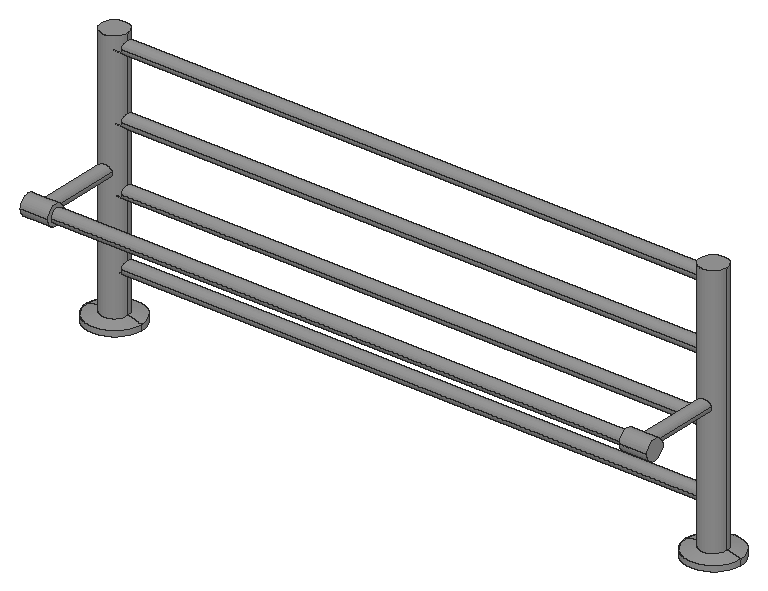
Revit family "MONAT Portatoalla BC7079800", category Generic Models, host Face, Revit 2014
Parameters
  MODELO = "MONAT"
  MARCA = "WASSER"
  EMPRESA = "CHC COMERCIAL HISPANO CHILENA"
  Default Elevation = 1219.2 mm
  DIMENSIONES = ""
  CÓDIGO = "BC7079800"
  ACCESORIO = "PORTA TOALLA"
Reference planes
  plane 1 "Center (Front/Back)": y = 0
  plane 2: z = 0
  plane 3 "Center (Left/Right)": x = 0
  plane 4: z = 166.946
  plane 5: z = 5
  plane 6: x = 550
  plane 7: z = 240
  plane 8: z = 222.946
  plane 9: z = 53.649
Forms (mm)
  Extrusion 1, solid, material "Steel, Galvanized"
    sketch origin (0, 0, 0) x (1, 0, 0) y (0, 1, 0)
      loop
        circle (0, 0) r 25
    from 0 to 5
  Blend 2, solid, material "Steel, Galvanized"
    base sketch origin (0, 0, 10) x (1, 0, 0) y (0, 1, 0)
      loop
        circle (0, 0) r 25
    top sketch origin (0, 0, 10) x (1, 0, 0) y (0, 1, 0)
      loop
        circle (0, 0) r 12
    from -5 to -2.05
  Extrusion 3, solid, material "Steel, Galvanized"
    sketch origin (0, 0, 0) x (1, 0, 0) y (0, 1, 0)
      loop
        circle (0, 0) r 12
    from 7.95 to 240
  Extrusion 4, solid, material "Steel, Galvanized"
    sketch origin (550, 0, 0) x (1, 0, 0) y (0, 1, 0)
      loop
        circle (0, 0) r 25
    from 0 to 5
  Blend 5, solid, material "Steel, Galvanized"
    base sketch origin (550, 0, 10) x (1, 0, 0) y (0, 1, 0)
      loop
        circle (0, 0) r 25
    top sketch origin (550, 0, 10) x (1, 0, 0) y (0, 1, 0)
      loop
        circle (0, 0) r 12
    from -5 to -2.05
  Extrusion 6, solid, material "Steel, Galvanized"
    sketch origin (550, 0, 0) x (1, 0, 0) y (0, 1, 0)
      loop
        circle (0, 0) r 12
    from 7.95 to 240
  Extrusion 7, solid, material "Steel, Galvanized"
    sketch origin (0, 0, 171) x (0, 1, 0) y (0, 0, 1)
      loop
        circle (0, 57.66) r 6
    from 0 to 543.823
  Extrusion 8, solid, material "Steel, Galvanized"
    sketch origin (0, 0, -10) x (0, 1, 0) y (0, 0, 1)
      loop
        circle (0, 57.66) r 6
    from 0 to 543.823
  Extrusion 9, solid, material "Steel, Galvanized"
    sketch origin (0, 0, 52) x (0, 1, 0) y (0, 0, 1)
      loop
        circle (0, 57.66) r 6
    from 4.269 to 543.823
  Extrusion 10, solid, material "Steel, Galvanized"
    sketch origin (0, 0, 111) x (0, 1, 0) y (0, 0, 1)
      loop
        circle (0, 57.66) r 6
    from 4.269 to 543.823
  Extrusion 11, solid, material "Steel, Galvanized"
    sketch origin (0, 0, 0) x (1, 0, 0) y (0, 0, 1)
      loop
        circle (550, 127.66) r 6
      loop
        circle (0, 127.66) r 6
    from 0 to 83.858
  Extrusion 12, solid, material "Steel, Galvanized"
    sketch origin (0, -83.382, 70) x (0, 1, 0) y (0, 0, 1)
      loop
        circle (0, 57.66) r 6
    from 0 to 557.855
  Extrusion 13, solid, material "Steel, Galvanized"
    sketch origin (550, 0, 0) x (0, 1, 0) y (0, 0, 1)
      loop
        circle (-83.858, 127.66) r 9
    from -12.145 to 13.137
  Extrusion 14, solid, material "Steel, Galvanized"
    sketch origin (0, 0, 0) x (0, 1, 0) y (0, 0, 1)
      loop
        circle (-83.858, 127.66) r 9
    from -12.145 to 13.137
Dimensions and locks
  aligned and locked: plane 2 to host face
  aligned and locked: level to host face
